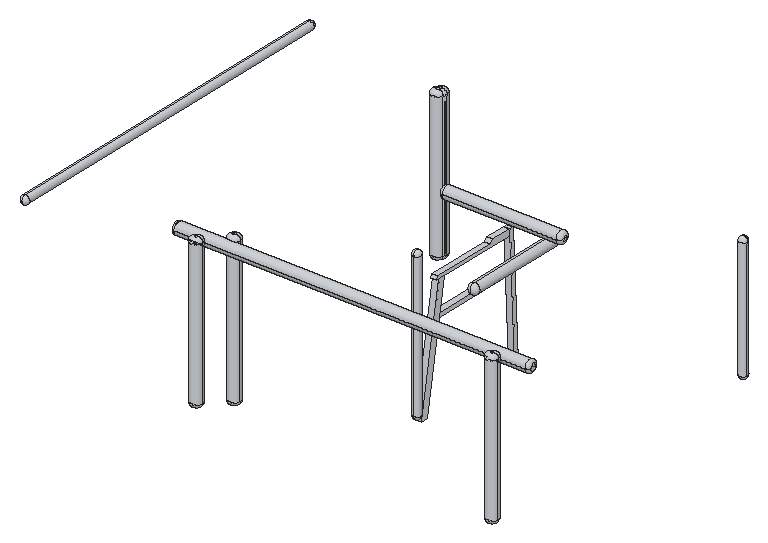
Revit family "MESA LATERAL PISA 02 Ø50", category Modelos genéricos, Revit 2024
Family settings
  Pode hospedar o vergalhão = Não
  Cota do conector redondo = Utilizar diâmetro
  Tipo de parte = Normal
  Com base no plano de trabalho = Não
  Sempre na vertical = Sim
  Corte com vazios quando carregada = Não
  Manter orientação da anotação = Não
  Compartilhado = Não
  Ponto de cálculo do ambiente = Não
Parameters (values of type "40cm")
  Elevação padrão = 0.00 m
  60cm = no
  50cm = no
  40cm = yes
Types (3, lengths in m): name | 60cm | 50cm | 40cm
  60cm | yes | no | no
  50cm | no | yes | no
  40cm | no | no | yes
Reference planes (m)
  plane 1 "Centro (Frente/Trás)": y = 0
  plane 2: z = 0
  plane 3 "Centro (Esquerda/Direita)": x = 0
Forms (m)
  Revolve 1, solid, not visible
    sketch origin (0, 0, 0) x (0, 1, 0) y (0, 0, 1)
      loop
        arc (-0.3, 0) -> (-0.285858, 0.005858) -> (-0.28, 0.02) r 0.02
        line (-0.28, 0.02) -> (-0.28, 0.74)
        arc (-0.28, 0.74) -> (-0.285858, 0.754142) -> (-0.3, 0.76) r 0.02
        line (-0.3, 0.76) -> (-0.3, 0)
      axis (-0.3, 0.76) -> (-0.3, 0)
    angle from 0 to 360
  Extrusion 2, void, not visible
    sketch origin (0, 0, 0) x (0, 1, 0) y (0, 0, 1)
      loop
        arc (-0.3, 0.434641) -> (-0.297457, 0.415322) -> (-0.29, 0.397321) r 0.074641
        line (-0.29, 0.397321) -> (-0.28, 0.38) -> (-0.28, 0.74)
        arc (-0.28, 0.74) -> (-0.285858, 0.754142) -> (-0.3, 0.76) r 0.02
        line (-0.3, 0.76) -> (-0.3, 0.434641)
    from -0.047269 to 0.058165
  Revolve 3, solid, not visible
    sketch origin (-1.53883, -0.911851, 2.36) x (0, -1, 0) y (1, 0, 0)
      loop
        line (-0.22, 0.64383) -> (-0.205, 0.64383)
        arc (-0.205, 0.64383) -> (-0.194393, 0.648223) -> (-0.19, 0.65883) r 0.015
        line (-0.19, 0.65883) -> (-0.19, 2.41883)
        arc (-0.19, 2.41883) -> (-0.194393, 2.429436) -> (-0.205, 2.43383) r 0.015
        line (-0.205, 2.43383) -> (-0.22, 2.43383) -> (-0.22, 0.64383)
      axis (-0.22, 2.43383) -> (-0.22, 0.64383)
    angle from 0 to 360
  Extrusion 4, void, not visible
    sketch origin (-1.53883, -0.911851, 2.36) x (0, -1, 0) y (1, 0, 0)
      loop
        arc (-0.22, 1.193471) -> (-0.217457, 1.174152) -> (-0.21, 1.15615) r 0.074641
        line (-0.21, 1.15615) -> (-0.19, 1.121509) -> (-0.19, 1.509186) -> (-0.19, 1.95615) -> (-0.21, 1.921509)
        arc (-0.21, 1.921509) -> (-0.217457, 1.903507) -> (-0.22, 1.884189) r 0.074641
        line (-0.22, 1.884189) -> (-0.22, 1.591688) -> (-0.22, 1.193471)
    from -0.060166 to 0.058019
  Revolve 5, solid, not visible
    sketch origin (-1.490513, -0.987878, 0.501067) x (0, 0, -1) y (0, 1, 0)
      loop
        arc (-0.22, 0.077878) -> (-0.205858, 0.083736) -> (-0.2, 0.097878) r 0.02
        line (-0.2, 0.097878) -> (-0.2, 1.877878)
        arc (-0.2, 1.877878) -> (-0.205858, 1.89202) -> (-0.22, 1.897878) r 0.02
        line (-0.22, 1.897878) -> (-0.22, 0.077878)
      axis (-0.22, 1.897878) -> (-0.22, 0.077878)
    angle from 0 to 360
  Extrusion 6, void, not visible
    sketch origin (-1.490513, 0.422878, 0.501067) x (0, 0, -1) y (0, 1, 0)
      loop
        line (-0.22, 0.020632) -> (-0.22, -0.866388)
        arc (-0.22, -0.866388) -> (-0.217457, -0.885707) -> (-0.21, -0.903709) r 0.074641
        line (-0.21, -0.903709) -> (-0.198933, -0.922878) -> (-0.198933, 0.077122) -> (-0.21, 0.057952)
        arc (-0.21, 0.057952) -> (-0.217457, 0.039951) -> (-0.22, 0.020632) r 0.074641
    from -0.02 to 0.02
  Revolve 7, solid, not visible
    sketch origin (0.868782, 0.768222, 0.76) x (1, 0, 0) y (0, 0, -1)
      loop
        line (-1.603702, 0) -> (-1.603702, 0.757321)
        arc (-1.603702, 0.757321) -> (-1.623702, 0.757321) -> (-1.633702, 0.74) r 0.02
        line (-1.633702, 0.74) -> (-1.633702, 0.02)
        arc (-1.633702, 0.02) -> (-1.627844, 0.005858) -> (-1.613702, 0) r 0.02
        line (-1.613702, 0) -> (-1.603702, 0)
      axis (-1.603702, 0.757321) -> (-1.603702, 0)
    angle from 0 to 360
  Extrusion 8, void, not visible
    sketch origin (0.888782, 0.768222, 0.76) x (1, 0, 0) y (0, 0, -1)
      loop
        line (-1.623702, 0.434641) -> (-1.623702, 0.785209)
        arc (-1.623702, 0.785209) -> (-1.646125, 0.79309) -> (-1.660248, 0.773973) r 0.02
        line (-1.660248, 0.773973) -> (-1.660248, 0.351342) -> (-1.633702, 0.397321)
        arc (-1.633702, 0.397321) -> (-1.626245, 0.415322) -> (-1.623702, 0.434641) r 0.074641
    from -0.032233 to 0.035
  Revolve 9, solid, not visible
    sketch origin (2.017269, -0.735249, 0.271697) x (0.961262, 0, 0.275637) y (-0.275637, 0, 0.961262)
      loop
        line (-1.098872, 0.678565) -> (-1.275192, 0.063663)
        arc (-1.275192, 0.063663) -> (-1.259983, 0.065396) -> (-1.250454, 0.077376) r 0.02
        line (-1.250454, 0.077376) -> (-1.085159, 0.653827)
        arc (-1.085159, 0.653827) -> (-1.086892, 0.669036) -> (-1.098872, 0.678565) r 0.02
      axis (-1.275192, 0.063663) -> (-1.098872, 0.678565)
    angle from 0 to 360
  Revolve 10, solid, not visible
    sketch origin (0.862472, 0.755646, 0.76) x (1, 0, 0) y (0, 0, -1)
      loop
        line (-1.603702, 0) -> (-1.603702, 0.757321)
        arc (-1.603702, 0.757321) -> (-1.623702, 0.757321) -> (-1.633702, 0.74) r 0.02
        line (-1.633702, 0.74) -> (-1.633702, 0.02)
        arc (-1.633702, 0.02) -> (-1.627844, 0.005858) -> (-1.613702, 0) r 0.02
        line (-1.613702, 0) -> (-1.603702, 0)
      axis (-1.603702, 0.757321) -> (-1.603702, 0)
    angle from 0 to 360
  Extrusion 11, void, not visible
    sketch origin (0.882472, 0.755646, 0.76) x (1, 0, 0) y (0, 0, -1)
      loop
        line (-1.623702, 0.434641) -> (-1.623702, 0.785209)
        arc (-1.623702, 0.785209) -> (-1.646125, 0.79309) -> (-1.660248, 0.773973) r 0.02
        line (-1.660248, 0.773973) -> (-1.660248, 0.351342) -> (-1.633702, 0.397321)
        arc (-1.633702, 0.397321) -> (-1.626245, 0.415322) -> (-1.623702, 0.434641) r 0.074641
    from -0.032233 to 0.035
  Revolve 12, solid, not visible
    sketch origin (0.862472, 0.780797, 0.76) x (1, 0, 0) y (0, 0, -1)
      loop
        line (-1.603702, 0) -> (-1.603702, 0.757321)
        arc (-1.603702, 0.757321) -> (-1.623702, 0.757321) -> (-1.633702, 0.74) r 0.02
        line (-1.633702, 0.74) -> (-1.633702, 0.02)
        arc (-1.633702, 0.02) -> (-1.627844, 0.005858) -> (-1.613702, 0) r 0.02
        line (-1.613702, 0) -> (-1.603702, 0)
      axis (-1.603702, 0.757321) -> (-1.603702, 0)
    angle from 0 to 360
  Extrusion 13, void, not visible
    sketch origin (0.882472, 0.780797, 0.76) x (1, 0, 0) y (0, 0, -1)
      loop
        line (-1.623702, 0.434641) -> (-1.623702, 0.785209)
        arc (-1.623702, 0.785209) -> (-1.646125, 0.79309) -> (-1.660248, 0.773973) r 0.02
        line (-1.660248, 0.773973) -> (-1.660248, 0.351342) -> (-1.633702, 0.397321)
        arc (-1.633702, 0.397321) -> (-1.626245, 0.415322) -> (-1.623702, 0.434641) r 0.074641
    from -0.032233 to 0.035
  Revolve 14, solid, not visible
    sketch origin (-0.862472, -0.755646, 0.76) x (-1, 0, 0) y (0, 0, -1)
      loop
        line (-1.603702, 0) -> (-1.603702, 0.757321)
        arc (-1.603702, 0.757321) -> (-1.623702, 0.757321) -> (-1.633702, 0.74) r 0.02
        line (-1.633702, 0.74) -> (-1.633702, 0.02)
        arc (-1.633702, 0.02) -> (-1.627844, 0.005858) -> (-1.613702, 0) r 0.02
        line (-1.613702, 0) -> (-1.603702, 0)
      axis (-1.603702, 0.757321) -> (-1.603702, 0)
    angle from 0 to 360
  Extrusion 15, void, not visible
    sketch origin (-0.882472, -0.755646, 0.76) x (-1, 0, 0) y (0, 0, -1)
      loop
        line (-1.623702, 0.434641) -> (-1.623702, 0.785209)
        arc (-1.623702, 0.785209) -> (-1.646125, 0.79309) -> (-1.660248, 0.773973) r 0.02
        line (-1.660248, 0.773973) -> (-1.660248, 0.351342) -> (-1.633702, 0.397321)
        arc (-1.633702, 0.397321) -> (-1.626245, 0.415322) -> (-1.623702, 0.434641) r 0.074641
    from -0.032233 to 0.035
  Revolve 16, solid, not visible
    sketch origin (0.967318, 0.862331, 0.76) x (1, 0, 0) y (0, 0, -1)
      loop
        line (-1.603702, 0) -> (-1.603702, 0.757321)
        arc (-1.603702, 0.757321) -> (-1.623702, 0.757321) -> (-1.633702, 0.74) r 0.02
        line (-1.633702, 0.74) -> (-1.633702, 0.02)
        arc (-1.633702, 0.02) -> (-1.627844, 0.005858) -> (-1.613702, 0) r 0.02
        line (-1.613702, 0) -> (-1.603702, 0)
      axis (-1.603702, 0.757321) -> (-1.603702, 0)
    angle from 0 to 360
  Extrusion 17, void, not visible
    sketch origin (0.987318, 0.862331, 0.76) x (1, 0, 0) y (0, 0, -1)
      loop
        line (-1.623702, 0.434641) -> (-1.623702, 0.785209)
        arc (-1.623702, 0.785209) -> (-1.646125, 0.79309) -> (-1.660248, 0.773973) r 0.02
        line (-1.660248, 0.773973) -> (-1.660248, 0.351342) -> (-1.633702, 0.397321)
        arc (-1.633702, 0.397321) -> (-1.626245, 0.415322) -> (-1.623702, 0.434641) r 0.074641
    from -0.032233 to 0.035
  Revolve 18, solid, not visible
    sketch origin (0.223708, 0.435419, -0.974073) x (0, 0, -1) y (0, -1, 0)
      loop
        arc (-1.603702, 0.679829) -> (-1.62138, 0.672507) -> (-1.628702, 0.654829) r 0.025
        line (-1.628702, 0.654829) -> (-1.628702, 0.164833)
        arc (-1.628702, 0.164833) -> (-1.62138, 0.147155) -> (-1.603702, 0.139833) r 0.025
        line (-1.603702, 0.139833) -> (-1.603702, 0.679829)
      axis (-1.603702, 0.139833) -> (-1.603702, 0.679829)
    angle from 0 to 360
  Extrusion 19, void, not visible
    sketch origin (-1.286292, 0.274143, -1.004065) x (0, 0, -1) y (0, -1, 0)
      loop
        arc (-1.634431, 0.659977) -> (-1.636974, 0.679295) -> (-1.644431, 0.697297) r 0.074641
        line (-1.644431, 0.697297) -> (-1.660248, 0.724693) -> (-1.660248, 0.278557) -> (-1.644431, 0.305952)
        arc (-1.644431, 0.305952) -> (-1.636974, 0.323954) -> (-1.634431, 0.343273) r 0.074641
        line (-1.634431, 0.343273) -> (-1.634431, 0.659977)
    from -0.032233 to 0.035
  Revolve 20, solid, not visible
    sketch origin (-0.444833, 1.849925, 0.678358) x (1, 0, 0) y (0, 1, 0)
      loop
        line (0.139833, -1.603702) -> (0.139833, -1.613702)
        arc (0.139833, -1.613702) -> (0.14569, -1.627844) -> (0.159833, -1.633702) r 0.02
        line (0.159833, -1.633702) -> (0.729514, -1.633702)
        arc (0.729514, -1.633702) -> (0.743656, -1.627844) -> (0.749514, -1.613702) r 0.02
        line (0.749514, -1.613702) -> (0.749514, -1.603702) -> (0.139833, -1.603702)
      axis (0.139833, -1.603702) -> (0.749514, -1.603702)
    angle from 0 to 360
  Extrusion 21, void, not visible
    sketch origin (-0.333557, 1.869925, -0.841292) x (1, 0, 0) y (0, 1, 0)
      loop
        line (0.455258, -1.623702) -> (0.211855, -1.623702)
        arc (0.211855, -1.623702) -> (0.192537, -1.626245) -> (0.174535, -1.633702) r 0.074641
        line (0.174535, -1.633702) -> (0.128557, -1.660248) -> (0.538557, -1.660248) -> (0.492578, -1.633702)
        arc (0.492578, -1.633702) -> (0.474576, -1.626245) -> (0.455258, -1.623702) r 0.074641
    from -0.093062 to 0.055153
  Extrusion 22, solid, not visible
    sketch origin (0, 0, 0) x (0, 1, 0) y (0, 0, 1)
      loop
        line (0.275, 0) -> (0.295027, 0) -> (0.262218, 0.626047) -> (0.24219, 0.626047) -> (0.275, 0)
      loop
        line (-0.201916, 0.596047) -> (-0.307015, 0) -> (-0.276553, 0) -> (-0.171454, 0.596047) -> (-0.201916, 0.596047)
    from 0 to 0.03
  Extrusion 23, solid, not visible
    sketch origin (0, 0, 0) x (0, 1, 0) y (0, 0, 1)
      loop
        line (0.24219, 0.626047) -> (0.136194, 0.626047) -> (0.124958, 0.61) -> (-0.204754, 0.61) -> (-0.21281, 0.596047) -> (0.243763, 0.596047) -> (0.24219, 0.626047)
      loop
        line (0.251941, 0.44) -> (-0.198969, 0.44) -> (-0.202495, 0.42) -> (0.252989, 0.42) -> (0.251941, 0.44)
    from 0 to 0.03
  Revolve 24, solid, material ".freijo", visible <- "50cm"
    sketch origin (0, 0, 0) x (1, 0, 0) y (0, 0, 1)
      loop
        line (0, 0.60399) -> (0, 0.58899) -> (0.245, 0.58899)
        arc (0.245, 0.58899) -> (0.248536, 0.590455) -> (0.25, 0.59399) r 0.005
        line (0.25, 0.59399) -> (0.25, 0.59899)
        arc (0.25, 0.59899) -> (0.248536, 0.602526) -> (0.245, 0.60399) r 0.005
        line (0.245, 0.60399) -> (0, 0.60399)
      axis (0, 0.58899) -> (0, 0.60399)
    angle from 0 to 360
  Extrusion 25, solid, material ".inox", visible <- "50cm"
    sketch origin (0.001287, 0, 0) x (1, 0, 0) y (0, 1, 0)
      loop
        circle (-0.001287, 0.001935) r 0.15
    from 0.103862 to 0.112197
  Extrusion 26, solid, material ".freijo", visible <- "50cm"
    sketch origin (-0.000945, 0, -0.001897) x (1, 0, 0) y (0, 1, 0)
      loop
        circle (0.000945, 0.00125) r 0.110028
    from 0.425945 to 0.590887
  Extrusion 27, solid, material ".freijo", visible <- "50cm"
    sketch origin (-0.000625, 0, -0.001897) x (1, 0, 0) y (0, 1, 0)
      loop
        circle (0.000625, 0.001447) r 0.0526
    from 0.417545 to 0.425945
  Extrusion 28, solid, material ".freijo", visible <- "50cm"
    sketch origin (-0.000625, 0, -0.003295) x (1, 0, 0) y (0, 1, 0)
      loop
        circle (0.000625, 0.001447) r 0.06
    from 0.233895 to 0.418943
  Extrusion 29, solid, material ".freijo", visible <- "50cm"
    sketch origin (-0.000917, 0, -0.003295) x (1, 0, 0) y (0, 1, 0)
      loop
        circle (0.000917, 0.001439) r 0.026968
    from 0.225495 to 0.233895
  Extrusion 30, solid, material ".freijo", visible <- "50cm"
    sketch origin (-0.000937, 0, -0.008355) x (1, 0, 0) y (0, 1, 0)
      loop
        circle (0.000937, 0.001236) r 0.03204
    from 0.120552 to 0.230555
Lines and regions (m)
  symbolic lines, style "InvisibleLines"
    curve 1: line (-0.704942, 0.298657, 0) -> (-0.704942, -0.301343, 0)
    curve 2: line (-1.009942, -0.001343, 0) -> (-0.409942, -0.001343, 0)
    curve 3: line (0, 0.249363, 0) -> (0, -0.250637, 0)
    curve 4: line (-0.25, -0.001343, 0) -> (0.25, -0.001343, 0)
    curve 5: line (0.651875, 0.198657, 0) -> (0.651875, -0.201343, 0)
    curve 6: line (0.451875, -0.001343, 0) -> (0.851875, -0.001343, 0)
Dimensions and locks (m)
  Revolve 5 sketch curve to Revolve 5 sketch curve = 1.82 m
  aligned and locked: level to plane 2
